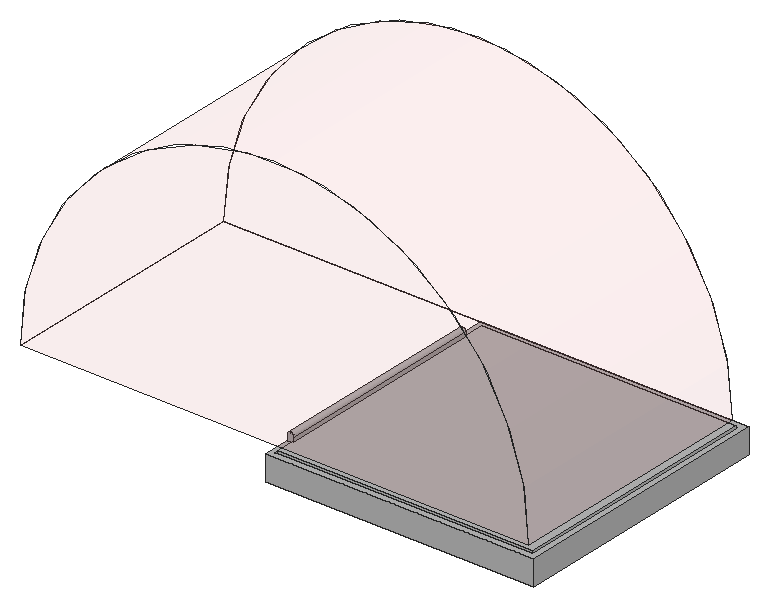
Revit family "Door_Access_Duct_Acudor_HD-5070", category Duct Accessories, Revit 2026
Family settings
  Round Connector Dimension = Use Diameter
  Part Type = Attaches To
  Work Plane-Based = Yes
  Always vertical = No
  Cut with Voids When Loaded = No
  Shared = No
Parameters (values of type "10 x 10 Nom")
  Warranty Duration (Years) = 0
  Unit Width = 0' - 10"
  Unit Weight = 2.75
  Unit Height = 0' - 10"
  Unit Depth = 0' - 1"
  URL = ""
  Swing Clearance Visible [instance] = yes
  Specification = ""
  SpecWizard = ""
  Send Message = ""
  Sales Information = ""
  Revision = "R1_01-2014"
  Product Properties = ""
  Product Data = ""
  Opening Width = 0' - 8 3/4"
  Opening Height = 0' - 8 3/4"
  Model = "HD-5070"
  Manufacturer Website = ""
  Manufacturer Phone - Toll Free = ""
  Manufacturer Phone = ""
  Manufacturer Fax = ""
  Manufacturer Address = ""
  Manufacturer = ""
  Maintenance Schedule (Months) = 0
  Keynote = ""
  Installation-Fabrication = ""
  Installation Phase = ""
  Green Building-LEED = ""
  Fixture Finish [instance] = Metal - Acudor - Steel
  Expected Lifespan (Years) = 0
  Drawn By = "Sumex Design, Inc. / Robert S. Weygant, CSI, CDT, SCIP"
  Door Width = Unit Width - 0' 0 1/2"  # 0' - 9 1/2"
  Door Height = Unit Height - 0' 0 1/2"  # 0' - 9 1/2"
  Description = "Acudor Duct Access Door - HD-5070 as Specified"
  Default Elevation = 0' - 0"
  Copyright = "©Arcat Inc."
  Construction Details = ""
  Clearance Material [instance] = ARCAT Clearance
  Assembly Code = ""
Types (9): name | Unit Width | Unit Weight | Unit Height | Opening Width | Opening Height | Door Width | Door Height
  24 x 24 Nom | 2' - 0" | 12 | 2' - 0" | 1' - 10 3/4" | 1' - 10 3/4" | 1' - 11 1/2" | 1' - 11 1/2"
  20 x 20 Nom | 1' - 8" | 9 | 1' - 8" | 1' - 6 3/4" | 1' - 6 3/4" | 1' - 7 1/2" | 1' - 7 1/2"
  18 x 18 Nom | 1' - 6" | 6.75 | 1' - 6" | 1' - 4 3/4" | 1' - 4 3/4" | 1' - 5 1/2" | 1' - 5 1/2"
  16 x 16 Nom | 1' - 4" | 5.25 | 1' - 4" | 1' - 2 3/4" | 1' - 2 3/4" | 1' - 3 1/2" | 1' - 3 1/2"
  14 x 14 Nom | 1' - 2" | 4.75 | 1' - 2" | 1' - 0 3/4" | 1' - 0 3/4" | 1' - 1 1/2" | 1' - 1 1/2"
  12 x 12 Nom | 1' - 0" | 3.75 | 1' - 0" | 0' - 10 3/4" | 0' - 10 3/4" | 0' - 11 1/2" | 0' - 11 1/2"
  10 x 10 Nom | 0' - 10" | 2.75 | 0' - 10" | 0' - 8 3/4" | 0' - 8 3/4" | 0' - 9 1/2" | 0' - 9 1/2"
  8 x 8 Nom | 0' - 8" | 1.75 | 0' - 8" | 0' - 6 3/4" | 0' - 6 3/4" | 0' - 7 1/2" | 0' - 7 1/2"
  6 x 6 Nom | 0' - 6" | 1.25 | 0' - 6" | 0' - 4 3/4" | 0' - 4 3/4" | 0' - 5 1/2" | 0' - 5 1/2"
Reference planes (in)
  plane 1 "Center (Front/Back)": y = 0
  plane 2 "Bottom": z = 0
  plane 3 "Center (Left/Right)": x = 0
  plane 4 "Front": y = -5
  plane 5 "Back": y = 5
  plane 6 "Left": x = -5
  plane 7 "Right": x = 5
  plane 8 "Top": z = 1
  plane 9: y = 4
  plane 10: y = -4
  plane 11: x = 4.75
  plane 12: y = 4.75
  plane 13: x = -4.75
  plane 14: y = -4.75
Forms (in)
  Extrusion 1, solid, material "Metal - Acudor - Steel" <- "Fixture Finish"
    sketch origin (0, 0, 0) x (1, 0, 0) y (0, 1, 0)
      loop
        line (-5, 5) -> (-5, -5) -> (5, -5) -> (5, 5) -> (-5, 5)
      loop
        line (-4.8125, -4.8125) -> (4.8125, -4.8125) -> (4.8125, 4.8125) -> (-4.8125, 4.8125) -> (-4.8125, -4.8125)
    from 0 to 0.9375
  Extrusion 2, solid, material "Metal - Acudor - Steel" <- "Fixture Finish"
    sketch origin (0, 0, 0) x (1, 0, 0) y (0, 1, 0)
      loop
        line (-4.75, 4.75) -> (-4.75, -4.75) -> (4.75, -4.75) -> (4.75, 4.75) -> (-4.75, 4.75)
    from 0.08411 to 1
  Extrusion 3, solid, material "Metal - Acudor - Steel" <- "Fixture Finish"
    sketch origin (0, 0, 0) x (1, 0, 0) y (0, 1, 0)
      loop
        line (-5, 5) -> (-5, -5) -> (5, -5) -> (5, 5) -> (-5, 5)
    from 0 to 0.08411
  Extrusion 4, solid, material "Metal - Acudor - Steel" <- "Fixture Finish"
    sketch origin (0, 0, 0) x (1, 0, 0) y (0, 0, 1)
      loop
        arc (-4.75, 1.125) -> (-4.875, 1.25) -> (-5, 1.125) r 0.125
        line (-5, 1.125) -> (-5, 0.9375) -> (-4.75, 0.9375) -> (-4.75, 1.125)
    from -4 to 4
  Extrusion 5, solid, material "ARCAT Clearance" <- "Clearance Material", visible <- "Swing Clearance Visible"
    sketch origin (0, 0, 0) x (1, 0, 0) y (0, 0, 1)
      loop
        line (-14.375, 1.125) -> (4.625, 1.125)
        arc (4.625, 1.125) -> (-4.875, 10.625) -> (-14.375, 1.125) r 9.5
    from -4.75 to 4.75
Cuts and joins
  joined: Extrusion 1, Extrusion 3
Lines and regions (in)
  model lines
    curve 1: line (4.75, 4.75, 1) -> (-4.75, 0, 1)
    curve 2: line (-4.75, 0, 1) -> (4.75, -4.75, 1)
Dimensions and locks (in)
  equal spacing: plane 6 "Left", plane 3 "Center (Left/Right)", plane 7 "Right"
  "Unit Width": plane 6 "Left" to plane 7 "Right"
  equal spacing: plane 5 "Back", plane 1 "Center (Front/Back)", plane 4 "Front"
  "Unit Height": plane 5 "Back" to plane 4 "Front"
  "Unit Depth": plane 8 "Top" to level
  locked: plane 5 "Back" to Extrusion 1 sketch curve at 0.1875
  locked: Extrusion 1 sketch curve to plane 4 "Front" at 0.1875
  locked: plane 6 "Left" to Extrusion 1 sketch curve at 0.1875
  locked: Extrusion 1 sketch curve to plane 7 "Right" at 0.1875
  locked: plane 5 "Back" to Extrusion 2 sketch curve at 0.25
  locked: Extrusion 2 sketch curve to plane 4 "Front" at 0.25
  locked: plane 6 "Left" to Extrusion 2 sketch curve at 0.25
  locked: Extrusion 2 sketch curve to plane 7 "Right" at 0.25
  locked: plane 5 "Back" to plane 9 at 1
  locked: plane 10 to plane 4 "Front" at 1
  Extrusion 4 sketch curve to Extrusion 4 sketch curve to plane 6 "Left" = 0' - 0 1/8" locked, 0' - 0 1/8" locked
  locked: plane 6 "Left" to plane 13 at 0.25
  locked: plane 11 to plane 7 "Right" at 0.25
  locked: plane 14 to plane 4 "Front" at 0.25
  locked: plane 5 "Back" to plane 12 at 0.25
  "Door Width": radius of Extrusion 5 sketch curve
  aligned and locked: Extrusion 1 sketch curve to plane 5 "Back"
  aligned and locked: plane 6 "Left" to Extrusion 1 sketch curve
  aligned and locked: plane 4 "Front" to Extrusion 1 sketch curve
  aligned and locked: Extrusion 1 sketch curve to plane 7 "Right"
  aligned and locked: Extrusion 3 sketch curve to Extrusion 1  (x4)
  aligned and locked: plane 9 to Extrusion 4
  aligned and locked: Extrusion 4 to plane 10
  aligned and locked: plane 12 to Extrusion 5
  aligned and locked: Extrusion 5 to plane 14
  aligned and locked: plane 1 "Center (Front/Back)" to curve 2
Automatic sketch dimensions
  Extrusion 4 sketch curve to plane 8 "Top" = 0' - 0 1/16"
  plane 8 "Top" to Extrusion 4 sketch curve = 0' - 0 1/8"
  Extrusion 4 sketch curve to Extrusion 4 sketch curve = 0' - 0"
  plane 6 "Left" to Extrusion 5 sketch curve = 0' - 0 1/8"
  plane 8 "Top" to Extrusion 5 sketch curve = 0' - 0 1/8"
  curve 2 to Extrusion 2 = 0' - 0"  (x2)
  Extrusion 2 to curve 2 = 0' - 0"
  curve 1 to Extrusion 2 = 0' - 0"  (x2)
